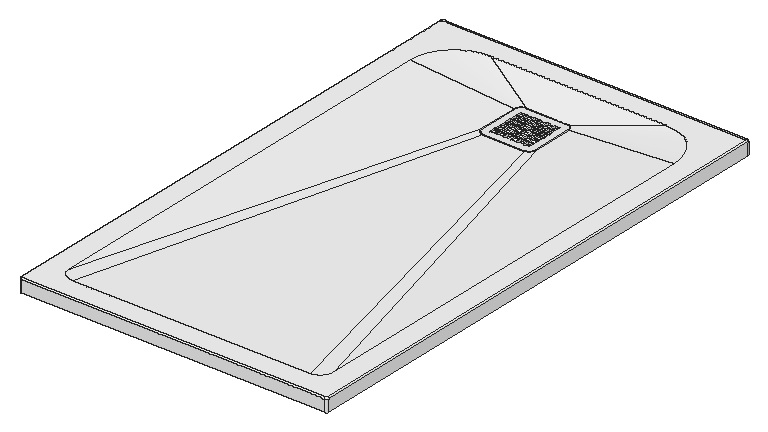
Revit family "IS_UltraFlatS_K8221_BIM_DE", category Plumbing Fixtures, host Face, Revit 2016
Family settings
  Host = Face
  Part Type = Normal
  Round Connector Dimension = Use Diameter
  OmniClass Number = 23.45.05.14.21.11
  OmniClass Title = Bath/Shower Units
  Cut with Voids When Loaded = No
  Shared = No
  Room Calculation Point = No
Parameters (values of type "K8221FR - ULTRAFLAT S PD 120X70 BIANCO")
  WarrantyStartDate = "n/a"
  WarrantyGuarantorParts = "n/a"
  WarrantyGuarantorLabor = "n/a"
  WarrantyDurationUnit = "n/a"
  WarrantyDurationParts = "n/a"
  WarrantyDurationLabor = "n/a"
  WarrantyDescription = "n/a"
  WFU = 0
  VolumeUnits = "Litres"
  Version = "1"
  Uniclass2015Version = "Products v1.1"
  Uniclass2015Title = "Shower trays"
  Uniclass2015Code = "Pr_40_20_06_84"
  URL = "www.idealstandard.de"
  Type Comments = "n/a"
  TagNumber = "n/a"
  SustainabilityPerformance = "n/a"
  Space = "Internal"
  Size = "700 x 1200 x 30 mm"
  Shape = "Rectangular"
  SerialNumber = "n/a"
  ReplacementCost = "n/a"
  ProductInformation = "www.idealstandard.de"
  PredefinedType = "n/a"
  Phone = "+49228 5210"
  NominalWidth = 700 mm
  NominalLength = 1200 mm
  NominalHeight = 30 mm
  NominalDepth = 0 mm
  Name = "ISI_IdealStandard_Showers_Ultra Flat S_K8221FR"
  ModelReference = "IS Rechteck-Brausewanne ULTRA FLAT S, 1200x700x30mm, Carraraweiß"
  ModelNumber = "K8221FR"
  Model = "K8221FR"
  Material = "Sanitary Brass"
  ManufacturerURL = "www.idealstandard.de"
  Manufacturer = "idealstandard.de@idealstandard.com"
  MainMaterial = IS_RenderMaterial_White
  LinearUnits = "millimeters"
  Keynote = ""
  InstallationInstructions = "www.idealstandard.de\\produkte"
  InstallationDate = "1900-12-31T23:59:59"
  Help = "idealstandard.de@idealstandard.com"
  HWFU = 0
  GrossWeight = "33 kg"
  Grade = "n/a"
  Finish = "Pure White"
  Features = "ULTRA FLAT S rectangular shower tray 1200x700mm"
  ExpectedLife = "25"
  DurationUnit = "year"
  DistributedBy = "n/a"
  Description = "Ultraflat S Pd 120 x 70 Bianco"
  Default Elevation = 0 mm
  CurrencyUnit = "€"
  CreatedOn = "42774"
  Cost = 0
  Constituents = "n/a"
  ConnectionType = "Plumbing"
  Color = "Pure White"
  CodePerformance = "0"
  CWFU = 0
  Brand = "Ideal Standard"
  BarCode = "4015413067584"
  BIMObjectName = "ISI_IdealStandard_Showers_Ultra Flat S_K8221FR"
  Author = "Ideal Standard"
  AssetType = "Fixed"
  AssetIdentifier = "n/a"
  Assembly Code = "C1030200"
  AreaUnits = "millimeters"
  AreaMeasurement = "n/a"
  Accessories = "www.idealstandard.de\\ersatzteile"
  AccessibilityPerformance = "n/a"
Types (5, lengths in mm): name | Name | ModelReference | ModelNumber | Model | MainMaterial | Finish | Description | Color | BarCode | BIMObjectName
  K8221FR - ULTRAFLAT S PD 120X70 BIANCO | "ISI_IdealStandard_Showers_Ultra Flat S_K8221FR" | "IS Rechteck-Brausewanne ULTRA FLAT S, 1200x700x30mm, Carraraweiß" | "K8221FR" | "K8221FR" | IS_RenderMaterial_White | "Pure White" | "Ultraflat S Pd 120 x 70 Bianco" | "Pure White" | "4015413067584" | "ISI_IdealStandard_Showers_Ultra Flat S_K8221FR"
  K8221FT - ULTRAFLAT S PD 120X70 SABBIA | "ISI_IdealStandard_Showers_Ultra Flat S_K8221FT" | "IS Rechteck-Brausewanne ULTRA FLAT S, 1200x700x30mm, Sandstein" | "K8221FT" | "K8221FT" | IS_RenderMaterial_Sand | "Beach Sand" | "Ultraflat S Pd 120 x 70 Sabbia" | "Beach Sand" | "4015413070973" | "ISI_IdealStandard_Showers_Ultra Flat S_K8221FT"
  K8221FS - ULTRAFLAT S PD 120X70 GRIGIO CEMENTO | "ISI_IdealStandard_Showers_Ultra Flat S_K8221FS" | "IS Rechteck-Brausewanne ULTRA FLAT S, 1200x700x30mm, Quarzgrau" | "K8221FS" | "K8221FS" | IS_RenderMaterial_Grey | "Concrete Grey" | "Ultraflat S Pd 120 x 70 Grigio Cemento" | "Concrete Grey" | "4015413070607" | "ISI_IdealStandard_Showers_Ultra Flat S_K8221FS"
  K8221FV - ULTRAFLAT S PD 120X70 NERO | "ISI_IdealStandard_Showers_Ultra Flat S_K8221FV" | "IS Rechteck-Brausewanne ULTRA FLAT S, 1200x700x30mm, Schiefer" | "K8221FV" | "K8221FV" | IS_RenderMaterial_Black | "Jet Black" | "Ultraflat S Pd 120 x 70 Nero" | "Jet Black" | "4015413071734" | "ISI_IdealStandard_Showers_Ultra Flat S_K8221FV"
  K8221FU - ULTRAFLAT S PD 120X70 MOKA | "ISI_IdealStandard_Showers_Ultra Flat S_K8221FU" | "IS Rechteck-Brausewanne ULTRA FLAT S, 1200x700x30mm, Lavabraun" | "K8221FU" | "K8221FU" | IS_RenderMaterial_Moka | "Deep Moka" | "Ultraflat S Pd 120 x 70 Moka" | "Deep Moka" | "4015413071390" | "ISI_IdealStandard_Showers_Ultra Flat S_K8221FU"
Reference planes
  plane 1 "Center (Front/Back)": y = 0
  plane 2: z = 0
  plane 3 "Center (Left/Right)": x = 0
  plane 4: y = -1200
  plane 5: x = -350
  plane 6: x = -300
  plane 7: x = 350
  plane 8: x = 300
  plane 9: z = 30
Forms (mm)
  Extrusion 1, solid, material "IS_RenderMaterial_White" <- "MainMaterial"
    sketch origin (0, 0, 0) x (1, 0, 0) y (0, 1, 0)
      loop
        arc (-345, 0) -> (-348.536, -1.464) -> (-350, -5) r 5
        line (-350, -5) -> (-350, -1195)
        arc (-350, -1195) -> (-348.536, -1198.536) -> (-345, -1200) r 5
        line (-345, -1200) -> (345, -1200)
        arc (345, -1200) -> (348.536, -1198.536) -> (350, -1195) r 5
        line (350, -1195) -> (350, -5)
        arc (350, -5) -> (348.536, -1.464) -> (345, 0) r 5
        line (345, 0) -> (-345, 0)
    from 0 to 30
  Blend 2, void
    base sketch origin (0, 39.744, 30) x (-1, 0, 0) y (0, -1, 0)
      loop
        arc (200, 89.744) -> (270.711, 119.033) -> (300, 189.744) r 100
        line (300, 189.744) -> (300, 1159.744)
        arc (300, 1159.744) -> (291.213, 1180.957) -> (270, 1189.744) r 30
        line (270, 1189.744) -> (-270, 1189.744)
        arc (-270, 1189.744) -> (-291.213, 1180.957) -> (-300, 1159.744) r 30
        line (-300, 1159.744) -> (-300, 189.744)
        arc (-300, 189.744) -> (-270.711, 119.033) -> (-200, 89.744) r 100
        line (-200, 89.744) -> (200, 89.744)
    top sketch origin (0, 39.744, 30) x (-1, 0, 0) y (0, -1, 0)
      loop
        arc (47.5, 177.244) -> (58.107, 181.637) -> (62.5, 192.244) r 15
        line (62.5, 192.244) -> (62.5, 287.244)
        arc (62.5, 287.244) -> (58.107, 297.85) -> (47.5, 302.244) r 15
        line (47.5, 302.244) -> (-47.5, 302.244)
        arc (-47.5, 302.244) -> (-58.107, 297.85) -> (-62.5, 287.244) r 15
        line (-62.5, 287.244) -> (-62.5, 192.244)
        arc (-62.5, 192.244) -> (-58.107, 181.637) -> (-47.5, 177.244) r 15
        line (-47.5, 177.244) -> (47.5, 177.244)
    from 0 to -15
  Revolve 3, void
    sketch origin (-65.411, -200, 1219.2) x (-1, 0, 0) y (0, 0, 1)
      loop
        line (-65.411, -1219.2) -> (-20.411, -1219.2) -> (-20.411, -1214.2) -> (-13.411, -1207.2) -> (-65.411, -1207.2) -> (-65.411, -1219.2)
      axis (-65.411, -1219.2) -> (-65.411, -1207.2)
    angle from 0 to 360
  Extrusion 4, void
    sketch origin (0, -134.515, 12) x (-1, 0, 0) y (0, 1, 0)
      loop
        arc (-47.5, -2.985) -> (-58.107, -7.379) -> (-62.5, -17.985) r 15
        line (-62.5, -17.985) -> (-62.5, -112.985)
        arc (-62.5, -112.985) -> (-58.107, -123.592) -> (-47.5, -127.985) r 15
        line (-47.5, -127.985) -> (47.5, -127.985)
        arc (47.5, -127.985) -> (58.107, -123.592) -> (62.5, -112.985) r 15
        line (62.5, -112.985) -> (62.5, -17.985)
        arc (62.5, -17.985) -> (58.107, -7.379) -> (47.5, -2.985) r 15
        line (47.5, -2.985) -> (-47.5, -2.985)
    from 0 to -3
  Extrusion 5, solid, material "Chrome - Polished"
    sketch origin (0, -134.515, 12) x (0, 1, 0) y (-1, 0, 0)
      loop
        arc (-4.985, 46.539) -> (-9.074, 56.411) -> (-18.946, 60.5) r 13.961
        line (-18.946, 60.5) -> (-111.985, 60.5)
        arc (-111.985, 60.5) -> (-121.885, 56.399) -> (-125.985, 46.5) r 14
        line (-125.985, 46.5) -> (-125.985, -46.5)
        arc (-125.985, -46.5) -> (-121.885, -56.399) -> (-111.985, -60.5) r 14
        line (-111.985, -60.5) -> (-18.985, -60.5)
        arc (-18.985, -60.5) -> (-9.086, -56.399) -> (-4.985, -46.5) r 14
        line (-4.985, -46.5) -> (-4.985, 46.539)
      loop
        line (-64.007, 45) -> (-64.007, 32) -> (-52.007, 32) -> (-52.007, 45) -> (-64.007, 45)
      loop
        line (-49.007, 45) -> (-49.007, 32) -> (-37.007, 32) -> (-37.007, 45) -> (-49.007, 45)
      loop
        line (-34.007, 45) -> (-34.007, 32) -> (-22.007, 32) -> (-22.007, 45) -> (-34.007, 45)
      loop
        line (-34.007, 29) -> (-34.007, 16) -> (-22.007, 16) -> (-22.007, 29) -> (-34.007, 29)
      loop
        line (-34.007, 13) -> (-34.007, 1.526) -> (-22.007, 1.526) -> (-22.007, 13) -> (-34.007, 13)
      loop
        line (-37.007, 29) -> (-49.007, 29) -> (-49.007, 16) -> (-37.007, 16) -> (-37.007, 29)
      loop
        line (-37.007, 13) -> (-49.007, 13) -> (-49.007, 1.526) -> (-37.007, 1.526) -> (-37.007, 13)
      loop
        line (-52.007, 29) -> (-64.007, 29) -> (-64.007, 16) -> (-52.007, 16) -> (-52.007, 29)
      loop
        line (-52.007, 13) -> (-64.007, 13) -> (-64.007, 1.526) -> (-52.007, 1.526) -> (-52.007, 13)
      loop
        line (-64.007, -45) -> (-52.007, -45) -> (-52.007, -32) -> (-64.007, -32) -> (-64.007, -45)
      loop
        line (-49.007, -45) -> (-37.007, -45) -> (-37.007, -32) -> (-49.007, -32) -> (-49.007, -45)
      loop
        line (-34.007, -45) -> (-22.007, -45) -> (-22.007, -32) -> (-34.007, -32) -> (-34.007, -45)
      loop
        line (-34.007, -29) -> (-22.007, -29) -> (-22.007, -16) -> (-34.007, -16) -> (-34.007, -29)
      loop
        line (-34.007, -13) -> (-22.007, -13) -> (-22.007, -1.526) -> (-34.007, -1.526) -> (-34.007, -13)
      loop
        line (-37.007, -29) -> (-37.007, -16) -> (-49.007, -16) -> (-49.007, -29) -> (-37.007, -29)
      loop
        line (-37.007, -13) -> (-37.007, -1.526) -> (-49.007, -1.526) -> (-49.007, -13) -> (-37.007, -13)
      loop
        line (-52.007, -29) -> (-52.007, -16) -> (-64.007, -16) -> (-64.007, -29) -> (-52.007, -29)
      loop
        line (-52.007, -13) -> (-52.007, -1.526) -> (-64.007, -1.526) -> (-64.007, -13) -> (-52.007, -13)
      loop
        line (-66.963, 45) -> (-78.963, 45) -> (-78.963, 32) -> (-66.963, 32) -> (-66.963, 45)
      loop
        line (-81.963, 45) -> (-93.963, 45) -> (-93.963, 32) -> (-81.963, 32) -> (-81.963, 45)
      loop
        line (-96.963, 45) -> (-108.963, 45) -> (-108.963, 32) -> (-96.963, 32) -> (-96.963, 45)
      loop
        line (-96.963, 29) -> (-108.963, 29) -> (-108.963, 16) -> (-96.963, 16) -> (-96.963, 29)
      loop
        line (-96.963, 13) -> (-108.963, 13) -> (-108.963, 1.526) -> (-96.963, 1.526) -> (-96.963, 13)
      loop
        line (-93.963, 29) -> (-93.963, 16) -> (-81.963, 16) -> (-81.963, 29) -> (-93.963, 29)
      loop
        line (-93.963, 13) -> (-93.963, 1.526) -> (-81.963, 1.526) -> (-81.963, 13) -> (-93.963, 13)
      loop
        line (-78.963, 29) -> (-78.963, 16) -> (-66.963, 16) -> (-66.963, 29) -> (-78.963, 29)
      loop
        line (-78.963, 13) -> (-78.963, 1.526) -> (-66.963, 1.526) -> (-66.963, 13) -> (-78.963, 13)
      loop
        line (-66.963, -45) -> (-66.963, -32) -> (-78.963, -32) -> (-78.963, -45) -> (-66.963, -45)
      loop
        line (-81.963, -45) -> (-81.963, -32) -> (-93.963, -32) -> (-93.963, -45) -> (-81.963, -45)
      loop
        line (-96.963, -45) -> (-96.963, -32) -> (-108.963, -32) -> (-108.963, -45) -> (-96.963, -45)
      loop
        line (-96.963, -29) -> (-96.963, -16) -> (-108.963, -16) -> (-108.963, -29) -> (-96.963, -29)
      loop
        line (-96.963, -13) -> (-96.963, -1.526) -> (-108.963, -1.526) -> (-108.963, -13) -> (-96.963, -13)
      loop
        line (-93.963, -29) -> (-81.963, -29) -> (-81.963, -16) -> (-93.963, -16) -> (-93.963, -29)
      loop
        line (-93.963, -13) -> (-81.963, -13) -> (-81.963, -1.526) -> (-93.963, -1.526) -> (-93.963, -13)
      loop
        line (-78.963, -29) -> (-66.963, -29) -> (-66.963, -16) -> (-78.963, -16) -> (-78.963, -29)
      loop
        line (-78.963, -13) -> (-66.963, -13) -> (-66.963, -1.526) -> (-78.963, -1.526) -> (-78.963, -13)
    from 0 to 3
  Sweep 6, void
    path in 3D
      loop
        arc (350, -5, 30) -> (348.536, -1.464, 30) -> (345, 0, 30) r 5
        line (345, 0, 30) -> (-345, 0, 30)
        arc (-345, 0, 30) -> (-348.536, -1.464, 30) -> (-350, -5, 30) r 5
        line (-350, -5, 30) -> (-350, -1195, 30)
        arc (-350, -1195, 30) -> (-348.536, -1198.536, 30) -> (-345, -1200, 30) r 5
        line (-345, -1200, 30) -> (345, -1200, 30)
        arc (345, -1200, 30) -> (348.536, -1198.536, 30) -> (350, -1195, 30) r 5
        line (350, -1195, 30) -> (350, -5, 30)
    profile origin (350, -600, 30) x (-1, 0, 0) y (0, 0, 1)
      loop
        line (0, 0) -> (0, -3)
        arc (0, -3) -> (0.879, -0.879) -> (3, 0) r 3
        line (3, 0) -> (0, 0)
Cuts and joins
  Blend 2, Revolve 3, Extrusion 4, Sweep 6 cuts Extrusion 1
  Blend 2 cuts Extrusion 5
Lines and regions (mm)
  sketch lines
    curve 1: line (350, -1195, 30) -> (350, -5, 30)
    curve 2: arc (350, -1195, 30) -> (348.536, -1198.536, 30) -> (345, -1200, 30) r 5
    curve 3: line (-345, -1200, 30) -> (345, -1200, 30)
    curve 4: arc (345, 0, 30) -> (348.536, -1.464, 30) -> (350, -5, 30) r 5
    curve 5: line (345, 0, 30) -> (-345, 0, 30)
    curve 6: arc (-350, -5, 30) -> (-348.536, -1.464, 30) -> (-345, 0, 30) r 5
    curve 7: line (-350, -5, 30) -> (-350, -1195, 30)
    curve 8: arc (-345, -1200, 30) -> (-348.536, -1198.536, 30) -> (-350, -1195, 30) r 5
Dimensions and locks
  "NominalWidth": plane 5 to plane 7
  "NominalHeight": level to plane 9
  "NominalLength": plane 4 to plane 1 "Center (Front/Back)"
  aligned and locked: plane 2 to host face
  aligned and locked: level to host face
Automatic sketch dimensions
  host sketch curve to host sketch curve = 2596.611 mm
  host sketch curve to host sketch curve = 2258.504 mm
  Extrusion 1 sketch curve to plane 5 = 0 mm
  plane 4 to Extrusion 1 sketch curve = 0 mm
  plane 1 "Center (Front/Back)" to Extrusion 1 sketch curve = 0 mm
  Extrusion 1 sketch curve to plane 7 = 0 mm
  Extrusion 1 sketch curve to plane 5 = 5 mm
  Extrusion 1 sketch curve to Extrusion 1 sketch curve = 5 mm
  Extrusion 1 sketch curve to plane 7 = 5 mm  (x2)
  Blend 2 sketch curve to plane 8 = 0 mm
  Blend 2 sketch curve to plane 6 = 0 mm
  Blend 2 sketch curve to Blend 2 sketch curve = 30 mm  (x2)
  plane 1 "Center (Front/Back)" to Blend 2 sketch curve = 50 mm
  Blend 2 sketch curve to plane 8 = 100 mm
  Blend 2 sketch curve to plane 6 = 100 mm
  Blend 2 sketch curve to plane 4 = 80 mm
  plane 3 "Center (Left/Right)" to Blend 2 sketch curve = 62.5 mm
  Blend 2 sketch curve to Blend 2 sketch curve = 15 mm  (x3)
  Blend 2 sketch curve to plane 3 "Center (Left/Right)" = 47.5 mm  (x2)
  plane 1 "Center (Front/Back)" to Blend 2 sketch curve = 137.5 mm
  Blend 2 sketch curve to Blend 2 sketch curve = 95 mm
  Revolve 3 sketch curve to level = 0 mm
  Revolve 3 sketch curve to plane 3 "Center (Left/Right)" = 0 mm  (x2)
  level to Revolve 3 sketch curve = 5 mm
  Revolve 3 sketch curve to plane 3 "Center (Left/Right)" = 45 mm
  Revolve 3 sketch curve to Revolve 3 sketch curve = 7 mm
  Revolve 3 sketch curve to Revolve 3 sketch curve = 12 mm
  Revolve 3 sketch curve to level = 10 mm
  plane 9 to Revolve 3 sketch curve = 7.813 mm
  plane 3 "Center (Left/Right)" to Extrusion 4 sketch curve = 62.5 mm
  Extrusion 4 sketch curve to Extrusion 4 sketch curve = 15 mm  (x3)
  Extrusion 4 sketch curve to plane 3 "Center (Left/Right)" = 47.5 mm  (x2)
  plane 1 "Center (Front/Back)" to Extrusion 4 sketch curve = 137.5 mm
  Extrusion 4 sketch curve to Extrusion 4 sketch curve = 95 mm
  plane 3 "Center (Left/Right)" to Extrusion 5 sketch curve = 46.5 mm
  plane 1 "Center (Front/Back)" to Extrusion 5 sketch curve = 260.5 mm
  Extrusion 5 sketch curve to Extrusion 5 sketch curve = 14 mm  (x3)
  Extrusion 5 sketch curve to Extrusion 5 sketch curve = 3.022 mm  (x3)
  Extrusion 5 sketch curve to Extrusion 5 sketch curve = 0 mm  (x56)
  plane 3 "Center (Left/Right)" to Extrusion 5 sketch curve = 1.526 mm  (x6)
  Extrusion 5 sketch curve to Extrusion 5 sketch curve = 12 mm  (x18)
  Extrusion 5 sketch curve to Extrusion 5 sketch curve = 3 mm  (x37)
  Extrusion 5 sketch curve to Extrusion 5 sketch curve = 2.956 mm  (x6)
  Extrusion 5 sketch curve to Extrusion 5 sketch curve = 3.061 mm
  Extrusion 5 sketch curve to Extrusion 5 sketch curve = 1.5 mm  (x3)
  Extrusion 5 sketch curve to Extrusion 5 sketch curve = 13 mm  (x9)
  Extrusion 5 sketch curve to plane 3 "Center (Left/Right)" = 1.526 mm  (x6)
  Extrusion 5 sketch curve to Extrusion 5 sketch curve = 11.474 mm  (x2)
  Sweep 6 sketch curve to profile plane = 0 mm  (x2)
  Sweep 6 sketch curve to profile plane = 3 mm
Connectors
  piping at (0, -200, 0), diameter 90
    settings: on cut or joined group of Extrusion 1, Blend 2, Revolve 3, Extrusion 4, Sweep 6, index 1, connector inside diameter 609.6 mm, connector length 0 mm, flow factor 0, pipe flow 0.0 L/s, pressure drop 0.0 Pa, fitting loss kfactor 0, connector angle 0.00°, fixture units 0, engagement length 0 mm, angle of deflection 0.00°, flow configuration 2, flow direction 2, fitting loss method 0, system type 16, joint type 0, gender type 0, connector reference index -1, connector utility 0, adjustable connector no, is connector primary yes, connector description ""
